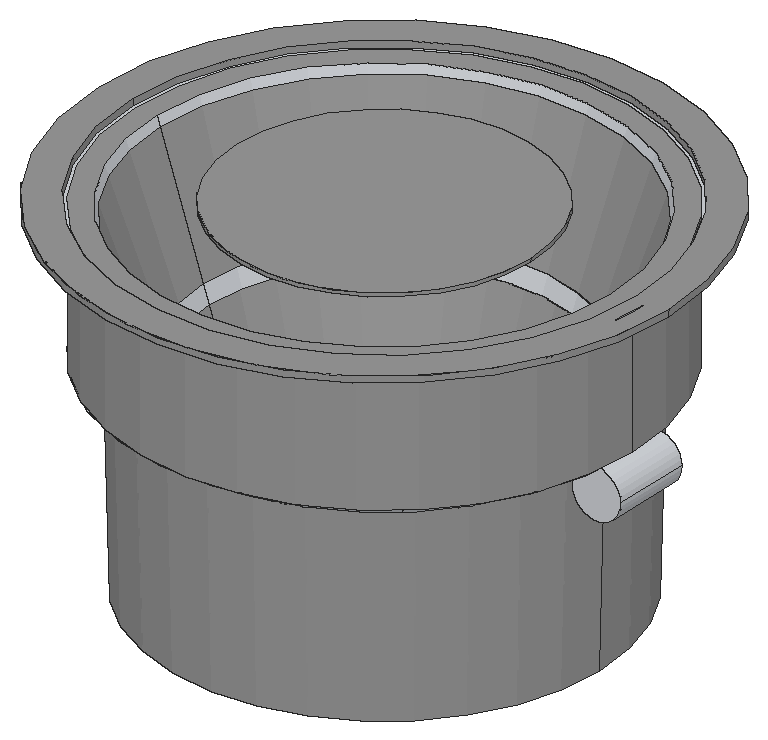
Revit family "2070131", category Lighting Fixtures, host Face, Revit 2018
Family settings
  Host = Face
  Round Connector Dimension = Use Diameter
  Part Type = Normal
  OmniClass Number = 23.80.70.00
  OmniClass Title = Lighting
  Cut with Voids When Loaded = No
  Light Source = Yes
  Shared = No
  Room Calculation Point = No
Parameters (values of type "2070131 SOLST 150 1200LM 930  DALI ")
  Weight = "n/a"
  Wattage Comments = ""
  Wattage = 9.2903 W
  WarrantyStartDate [instance] = "n/a"
  WarrantyGuarantorParts = "n/a"
  WarrantyDurationUnit = "n/a"
  WarrantyDurationParts = ""
  WarrantyDescription = "http://www.sylvania-lighting.com"
  built-in parameter 1150110 = 1 (stored number, unit not read)
  Voltage = 0 V
  URL = "0.96"
  TypeName = "Solstice 150 1200lm 930  DALI"
  Type Image = <None>
  Type Comments = "n/a"
  built-in parameter 1114217 = 1 (stored number, unit not read)
  Tilt Angle = -90.00°
  built-in parameter 1150109 = 1 (stored number, unit not read)
  built-in parameter 1150134 = 3
  built-in parameter 1150113 = 1 (stored number, unit not read)
  SerialNumber [instance] = "n/a"
  Photometric Web File = "2070131.IES"
  Material_3_SYL = none
  PowerFactor = 0
  PowerConsumption = "Lighting"
  NominalLength = 165 mm
  NominalHeight = 45 mm
  NominalDepth = 165 mm
  Name = "Solstice 150 1200lm 930  DALI"
  ModelReference = Name  # "Solstice 150 1200lm 930  DALI"
  ModelNumber = "2070131"
  Model = Name  # "Solstice 150 1200lm 930  DALI"
  Material = "Feilo Sylvania"
  ManufacturerName = "120 lm/W"
  Manufacturer = ""
  LuminousEfficacy = ""
  built-in parameter 1150105 = 109.82 (stored number, unit not read)
  Lumens = 1380 lm
  LuminaireType = "0"
  built-in parameter 1150115 = 1 (stored number, unit not read)
  LightOutputRatio = "LED"
  built-in parameter 1150137 = (empty or 0)
  built-in parameter 1150139 = (empty or 0)
  LampsType = Lamp  # "n/a"
  LampNominalLuminous = "3000 K"
  LampMacAdamStep = "90"
  LampColourTemperature = "LED"
  LampColourRenderingIndex = "16500"
  built-in parameter 1150112 = 1 (stored number, unit not read)
  built-in parameter 1150114 = 1 (stored number, unit not read)
  Lamp = "n/a"
  Keynote = "n/a"
  InstallationDate [instance] = "n/a"
  InputVoltage = "0"
  InputNominalFrequency = "3000"
  built-in parameter 1150132 = (empty or 0)
  built-in parameter 1150102 = (empty or 0)
  built-in parameter 1150107 = 3200 (stored number, unit not read)
  built-in parameter 1150138 = (empty or 0)
  IngressProtection = "IfcLightFixtureType"
  ImpactProtectionIndex = "IfcLightFixtureType"
  built-in parameter 1150106 = 1.0982 (stored number, unit not read)
  IfcExportType = "IfcLightFixtureType"
  IfcExportAs = "Class II"
  Emit from Circle Diameter = 609.6 mm
  Emit Shape Visible in Rendering = no
  ElectricShockClassification = "120"
  built-in parameter 1150104 = 13.8 (stored number, unit not read)
  DocumentationLiterature = "http://www.sylvania-lighting.com/product/en-int/products/2070131"
  DimmingControlOptions = "n/a"
  Material_2_SYL = none
  Dimming Lamp Color Temperature Shift = <None>
  Description = "The Solstice 150 1200lm 930 DALI is a high efficient DALI dimmable downlight luminaire, Colour rendering index Ra>90, Colour temperature: 3000K Warm White, Class II, Protection rating IP40/IP20, Cut out dimensions: 150mm."
  Default Elevation = 1219.2 mm
  CreatedOn = "03/08/2023"
  CreatedBy = "@sylvania-lighting.com"
  Cost = 0
  Color Filter = 16777215
  built-in parameter 1114216 [instance] = (empty or 0)
  ClassificationValue = "EF_70_80"
  ClassificationName = "Uniclass2015"
  Material_1_SYL = none
  BarCode [instance] = "n/a"
  built-in parameter 1114218 = 1 (stored number, unit not read)
  built-in parameter 1150133 = 10 (stored number, unit not read)
  AssetType = "Fixed"
  AssetIdentifier [instance] = "n/a"
  Assembly Code = "D5020200"
  Apparent Load = 10 VA
  Material_4_SYL = none
Reference planes
  plane 1 "Center (Front/Back)": y = 0
  plane 2: z = 0
  plane 3 "Center (Left/Right)": x = 0
  plane 4: x = -82.5
  plane 5: x = 82.5
  plane 6: y = 82.5
  plane 7: y = -82.5
  plane 8: y = 75
  plane 9: y = -75
  plane 10: y = 73
  plane 11: y = -73
  plane 12: x = 73
  plane 13: x = 75
  plane 14: x = 66
  plane 15: z = 3.8
  plane 16: x = -66.957
  plane 17: x = -66
  plane 18: z = -43.942
  plane 19: x = 66.001
  plane 20: x = 64.013
  plane 21: x = -64
  plane 22: z = -45.791
  plane 23: x = 69.732
Forms (mm)
  Extrusion 1, void
    sketch origin (0, 0, 0) x (1, 0, 0) y (0, 1, 0)
      loop
        circle (0, 0) r 75
    from -93.856 to 21.107
  Blend 2, solid, material "Aluminum"
    base sketch origin (0, 0, 0) x (1, 0, 0) y (0, 1, 0)
      loop
        circle (0, 0) r 82.5
    top sketch origin (0, 0, 0) x (1, 0, 0) y (0, 1, 0)
      loop
        circle (0, 0) r 82.5
    from 0 to 1.8
  Extrusion 3, void
    sketch origin (0, 0, 0) x (1, 0, 0) y (0, 1, 0)
      loop
        circle (0, 0) r 73
    from 0 to 1.8
  Blend 4, solid, material "Aluminum"
    base sketch origin (0, 0, 0) x (1, 0, 0) y (0, 1, 0)
      loop
        circle (0, 0) r 72
    top sketch origin (0, 0, 0) x (1, 0, 0) y (0, 1, 0)
      loop
        circle (0, 0) r 72
    from -38.989 to 0
  Blend 5, solid
    base sketch origin (0, 0, 0) x (1, 0, 0) y (0, 1, 0)
      loop
        circle (0, 0) r 75
    top sketch origin (0, 0, 0) x (1, 0, 0) y (0, 1, 0)
      loop
        circle (0, 0) r 72
    from 0 to -2.5
  Blend 6, solid
    base sketch origin (0, 0, 0) x (1, 0, 0) y (0, 1, 0)
      loop
        circle (0, 0) r 64
    top sketch origin (0, 0, 0) x (1, 0, 0) y (0, 1, 0)
      loop
        circle (0, 0) r 72
    from -43.942 to -38.989
  Blend 7, solid, material "Aluminum"
    base sketch origin (0, 0, 0) x (1, 0, 0) y (0, 1, 0)
      loop
        circle (0, 0) r 62.5
    top sketch origin (0, 0, 0) x (1, 0, 0) y (0, 1, 0)
      loop
        circle (0, 0) r 64
    from -98.977 to -43.942
  Blend 8, void
    base sketch origin (0, 1219.2, 38) x (1, 0, 0) y (0, 1, 0)
      loop
        circle (0, -1219.2) r 66.5
    top sketch origin (0, 1219.2, 38) x (1, 0, 0) y (0, 1, 0)
      loop
        circle (0, -1219.2) r 42.5
    from -36.2 to -106.2
  Extrusion 9, solid, material "Glass, White, High Luminance", detail levels fine
    sketch origin (0, 0, 0) x (1, 0, 0) y (0, 1, 0)
      loop
        circle (0, 0) r 42.5
    from 0 to 1
  Extrusion 10, solid
    sketch origin (0, 0, 0) x (1, 0, 0) y (0, 0, 1)
      loop
        circle (70.068, -45.791) r 7
    from -11.421 to 10.579
Cuts and joins
  Extrusion 3 cuts Blend 2
  Blend 8 cuts Blend 5
  Extrusion 3, Blend 8 cuts Blend 4
  Blend 8 cuts Blend 6
  Blend 8 cuts Blend 7
Dimensions and locks
  "NominalLength": plane 4 to plane 5
  equal spacing: plane 4, plane 3 "Center (Left/Right)", plane 5
  "NominalDepth": plane 6 to plane 7
  equal spacing: plane 6, plane 1 "Center (Front/Back)", plane 7
  aligned and locked: plane 2 to host face
  aligned and locked: level to host face
Automatic sketch dimensions
  host sketch curve to host sketch curve = 2438.4 mm  (x2)
  plane 1 "Center (Front/Back)" to Extrusion 1 sketch curve = 0 mm
  Extrusion 1 sketch curve to plane 3 "Center (Left/Right)" = 0 mm
  plane 1 "Center (Front/Back)" to Blend 2 sketch curve = 0 mm  (x2)
  Blend 2 sketch curve to plane 3 "Center (Left/Right)" = 0 mm  (x2)
  plane 1 "Center (Front/Back)" to Extrusion 3 sketch curve = 0 mm
  Extrusion 3 sketch curve to plane 3 "Center (Left/Right)" = 0 mm
  plane 1 "Center (Front/Back)" to Blend 4 sketch curve = 0 mm  (x2)
  Blend 4 sketch curve to plane 3 "Center (Left/Right)" = 0 mm  (x2)
  plane 1 "Center (Front/Back)" to Blend 5 sketch curve = 0 mm  (x2)
  Blend 5 sketch curve to plane 3 "Center (Left/Right)" = 0 mm  (x2)
  plane 1 "Center (Front/Back)" to Blend 6 sketch curve = 0 mm  (x2)
  Blend 6 sketch curve to plane 3 "Center (Left/Right)" = 0 mm  (x2)
  plane 1 "Center (Front/Back)" to Blend 7 sketch curve = 0 mm  (x2)
  Blend 7 sketch curve to plane 3 "Center (Left/Right)" = 0 mm  (x2)
  plane 1 "Center (Front/Back)" to Blend 8 sketch curve = 0 mm  (x2)
  Blend 8 sketch curve to plane 3 "Center (Left/Right)" = 0 mm  (x2)
  plane 1 "Center (Front/Back)" to Extrusion 9 sketch curve = 0 mm
  Extrusion 9 sketch curve to plane 3 "Center (Left/Right)" = 0 mm
  plane 12 to Extrusion 10 sketch curve = 2.932 mm
  Extrusion 10 sketch curve to plane 18 = 1.849 mm
  radius of Extrusion 1 sketch curve = 75 mm
  radius of Blend 2 sketch curve = 82.5 mm  (x2)
  radius of Extrusion 3 sketch curve = 73 mm
  radius of Blend 4 sketch curve = 72 mm  (x2)
  radius of Blend 5 sketch curve = 75 mm
  radius of Blend 5 sketch curve = 72 mm
  radius of Blend 6 sketch curve = 64 mm
  radius of Blend 6 sketch curve = 72 mm
  radius of Blend 7 sketch curve = 62.5 mm
  radius of Blend 7 sketch curve = 64 mm
  radius of Blend 8 sketch curve = 66.5 mm
  radius of Blend 8 sketch curve = 42.5 mm
  radius of Extrusion 9 sketch curve = 42.5 mm
  radius of Extrusion 10 sketch curve = 7 mm
Connectors
  electrical at (0, 0, 0), driven by "Apparent Load", driven by "PowerFactor", driven by "Voltage"
    settings: index 1, voltage 0 V, apparent load 10 VA, apparent load phase1 0 VA, apparent load phase2 0 VA, apparent load phase3 0 VA, power factor 0, load classification "Lighting", number of poles 1, system type 30, power factor state 1, is connector primary yes, connector utility no, sub classification motor no, connector description ""
